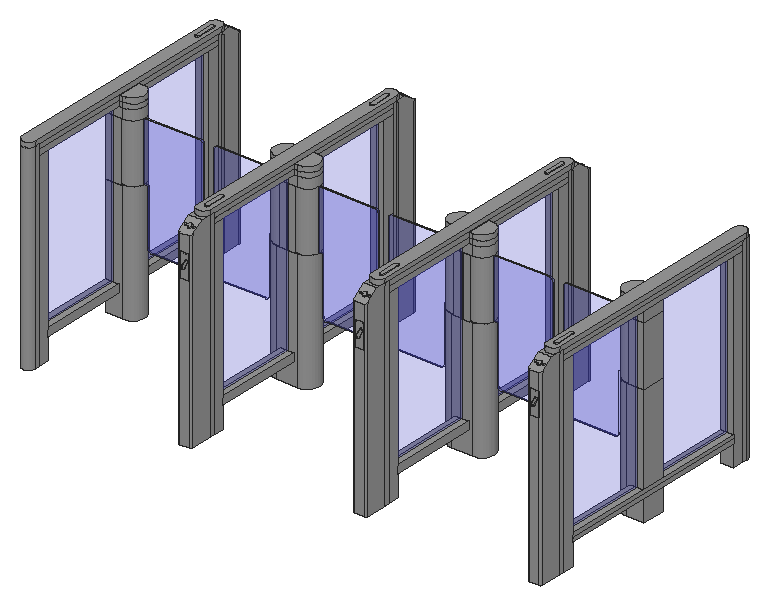
Revit family "ST-11", category Обобщенные модели, Revit 2019
Family settings
  Может служить основой для арматурных стержней = Нет
  Размер круглого соединителя = Использовать диаметр
  Тип детали = Нормальный
  На основе рабочей плоскости = Нет
  Всегда вертикально = Да
  При загрузке вырезать с полостями = Нет
  Общий = Нет
  Точка расчета площади = Нет
Parameters (values of type "3 и более проходов")
  Ширина 6в [instance] = Ширина 1 + Ширина 2а + Ширина 3а + Ширина 4а + Ширина 5а + Ширина 6а  # 2631 mm
  Ширина 6а [instance] = if(Количество проходов по факту > 5, Ширина 6, 0 mm)  # 0 mm
  Ширина 6 [instance] = if(or(Тип прохода 6 = Тип1, Тип прохода 6 = Тип2), 877 mm, if(Тип прохода 6 = Тип3, 1127 mm, if(Тип прохода 6 = Тип4, 1227 mm, 0 mm)))  # 877 mm
  Ширина 5а [instance] = if(Количество проходов по факту > 4, Ширина 5, 0 mm)  # 0 mm
  Ширина 5 [instance] = if(or(Тип прохода 5 = Тип1, Тип прохода 5 = Тип2), 877 mm, if(Тип прохода 5 = Тип3, 1127 mm, if(Тип прохода 5 = Тип4, 1227 mm, 0 mm)))  # 877 mm
  Ширина 4а [instance] = if(Количество проходов по факту > 3, Ширина 4, 0 mm)  # 0 mm
  Ширина 4 [instance] = if(or(Тип прохода 4 = Тип1, Тип прохода 4 = Тип2), 877 mm, if(Тип прохода 4 = Тип3, 1127 mm, if(Тип прохода 4 = Тип4, 1227 mm, 0 mm)))  # 877 mm
  Ширина 3а [instance] = if(Количество проходов по факту > 2, Ширина 3, 0 mm)  # 877 mm
  Ширина 3 [instance] = if(or(Тип прохода 3 = Тип1, Тип прохода 3 = Тип2), 877 mm, if(Тип прохода 3 = Тип3, 1127 mm, if(Тип прохода 3 = Тип4, 1227 mm, 0 mm)))  # 877 mm
  Ширина 2а [instance] = if(Количество проходов по факту > 1, Ширина 2, 0 mm)  # 877 mm
  Ширина 2 [instance] = if(or(Тип прохода 2 = Тип1, Тип прохода 2 = Тип2), 877 mm, if(Тип прохода 2 = Тип3, 1127 mm, if(Тип прохода 2 = Тип4, 1227 mm, 0 mm)))  # 877 mm
  Ширина 1 [instance] = if(or(Тип прохода 1 = Тип1, Тип прохода 1 = Тип2), 877 mm, if(Тип прохода 1 = Тип3, 1127 mm, if(Тип прохода 1 = Тип4, 1227 mm, 0 mm)))  # 877 mm
  Тип4 [instance] = Створка для ST-11 : ATG-475
  Тип3 [instance] = Створка для ST-11 : ATG-425
  Тип2 [instance] = Створка для ST-11 : ATG-300H
  Тип1 [instance] = Створка для ST-11 : ATG-300
  Тип прохода 6 [instance] = Створка для ST-11 : ATG-300
  Тип прохода 5 [instance] = Створка для ST-11 : ATG-300
  Тип прохода 4 [instance] = Створка для ST-11 : ATG-300
  Тип прохода 3 [instance] = Створка для ST-11 : ATG-300
  Тип прохода 2 [instance] = Створка для ST-11 : ATG-300
  Тип прохода 1 [instance] = Створка для ST-11 : ATG-300
  Тип панели 7 секция выход [instance] = Панель FP-11C : Панель FP-11C
  Тип панели 6 секция выход [instance] = Панель FP-11C : Панель FP-11C
  Тип панели 6 секция вход [instance] = Панель FP-11C : Панель FP-11C
  Тип панели 5 секция выход [instance] = Панель FP-11C : Панель FP-11C
  Тип панели 5 секция вход [instance] = Панель FP-11C : Панель FP-11C
  Тип панели 4 секция выход [instance] = Панель FP-11C : Панель FP-11C
  Тип панели 4 секция вход [instance] = Панель FP-11C : Панель FP-11C
  Тип панели 3 секция выход [instance] = Панель FP-11C : Панель FP-11C
  Тип панели 3 секция вход [instance] = Панель FP-11C : Панель FP-11C
  Тип панели 2 секция выход [instance] = Панель FP-11C : Панель FP-11C
  Тип панели 2 секция вход [instance] = Панель FP-11C : Панель FP-11C
  Тип панели 1 секция вход [instance] = Панель FP-11C : Панель FP-11C
  Тип 7п выход [instance] = if(Тип панели 7 секция выход = Тип 1п, 1, if(Тип панели 7 секция выход = Тип 2п, 2, if(Тип панели 7 секция выход = Тип 3п, 3, 0)))  # 1
  Тип 6п выход [instance] = if(Тип панели 6 секция выход = Тип 1п, 1, if(Тип панели 6 секция выход = Тип 2п, 2, if(Тип панели 6 секция выход = Тип 3п, 3, 0)))  # 1
  Тип 6п вход [instance] = if(Тип панели 6 секция вход = Тип 1п, 1, if(Тип панели 6 секция вход = Тип 2п, 2, if(Тип панели 6 секция вход = Тип 3п, 3, 0)))  # 1
  Тип 5п выход [instance] = if(Тип панели 5 секция выход = Тип 1п, 1, if(Тип панели 5 секция выход = Тип 2п, 2, if(Тип панели 5 секция выход = Тип 3п, 3, 0)))  # 1
  Тип 5п вход [instance] = if(Тип панели 5 секция вход = Тип 1п, 1, if(Тип панели 5 секция вход = Тип 2п, 2, if(Тип панели 5 секция вход = Тип 3п, 3, 0)))  # 1
  Тип 4п выход [instance] = if(Тип панели 4 секция выход = Тип 1п, 1, if(Тип панели 4 секция выход = Тип 2п, 2, if(Тип панели 4 секция выход = Тип 3п, 3, 0)))  # 1
  Тип 4п вход [instance] = if(Тип панели 4 секция вход = Тип 1п, 1, if(Тип панели 4 секция вход = Тип 2п, 2, if(Тип панели 4 секция вход = Тип 3п, 3, 0)))  # 1
  Тип 3п выход [instance] = if(Тип панели 3 секция выход = Тип 1п, 1, if(Тип панели 3 секция выход = Тип 2п, 2, if(Тип панели 3 секция выход = Тип 3п, 3, 0)))  # 1
  Тип 3п вход [instance] = if(Тип панели 3 секция вход = Тип 1п, 1, if(Тип панели 3 секция вход = Тип 2п, 2, if(Тип панели 3 секция вход = Тип 3п, 3, 0)))  # 1
  Тип 2п выход [instance] = if(Тип панели 2 секция выход = Тип 1п, 1, if(Тип панели 2 секция выход = Тип 2п, 2, if(Тип панели 2 секция выход = Тип 3п, 3, 0)))  # 1
  Тип 2п вход [instance] = if(Тип панели 2 секция вход = Тип 1п, 1, if(Тип панели 2 секция вход = Тип 2п, 2, if(Тип панели 2 секция вход = Тип 3п, 3, 0)))  # 1
  Тип крышки [instance] = Крышка STC-11M : Крышка STC-11M
  Тип кр [instance] = if(Тип крышки = Тип 1кр, 1, if(Тип крышки = Тип 2кр, 2, 0))  # 1
  Тип 3п [instance] = Панель FP-11Q : Панель FP-11Q
  Тип 2п [instance] = Панель FP-11P : Панель FP-11P
  Тип 2кр [instance] = Крышка STC-11S : Крышка STC-11S
  Тип 1п вход [instance] = if(Тип панели 1 секция вход = Тип 1п, 1, if(Тип панели 1 секция вход = Тип 2п, 2, if(Тип панели 1 секция вход = Тип 3п, 3, 0)))  # 1
  Тип 1п [instance] = Панель FP-11C : Панель FP-11C
  Тип 1кр [instance] = Крышка STC-11M : Крышка STC-11M
  Створки 6 [instance] = Тип прохода 6  # Створка для ST-11 : ATG-300
  Створки 5 [instance] = Тип прохода 5  # Створка для ST-11 : ATG-300
  Створки 4 [instance] = Тип прохода 4  # Створка для ST-11 : ATG-300
  Створки 3 [instance] = Тип прохода 3  # Створка для ST-11 : ATG-300
  Створки 2 [instance] = Тип прохода 2  # Створка для ST-11 : ATG-300
  Створки 1 [instance] = Тип прохода 1  # Створка для ST-11 : ATG-300
  Пропускная способность [instance] = if(Количество проходов = 1, " до 60 чел/мин", if(Количество проходов = 2, " до 120 чел/мин", if(Количество проходов = 3, " до 180 чел/мин", if(Количество проходов = 4, " до 240 чел/мин", if(Количество проходов = 5, " до 300 чел/мин", if(Количество проходов = 6, " до 360 чел/мин", "0"))))))  # " до 180 чел/мин"
  Количество проходов тип = 3
  Количество проходов по факту [instance] = if(Количество проходов тип = 1, 1, if(Количество проходов тип = 2, 2, if(Количество проходов < 3, Количество проходов тип, Количество проходов)))  # 3
  Количество проходов [instance] = 3
  В створки 6 [instance] = Количество проходов по факту > 5  # no
  В створки 5 [instance] = Количество проходов по факту > 4  # no
  В створки 4 [instance] = Количество проходов по факту > 3  # no
  В створки 3 [instance] = Количество проходов по факту > 2  # yes
  В створки 2 [instance] = Количество проходов по факту > 1  # yes
  В секция 6 [instance] = Количество проходов по факту > 5  # no
  В секция 5 [instance] = Количество проходов по факту > 4  # no
  В секция 4 [instance] = Количество проходов по факту > 3  # no
  В секция 3 [instance] = Количество проходов по факту > 2  # yes
  В секция 2 [instance] = Количество проходов по факту > 1  # yes
  ADSK_Примечание = ""
  ADSK_Номинальная мощность = 160 W
  ADSK_Напряжение = 24 V
  ADSK_Наименование краткое = "Скоростной проход ST-01"
  ADSK_Наименование = "Турникет \"Скоростной проход\" PERCo-ST-01"
  ADSK_Завод-изготовитель = "PERCo"
  ADSK_URL страницы изделия = "https://www.perco.ru/products/skorostnoy-prokhod-st-11.php"
Types (4, lengths in mm): name | Ширина 6в | Ширина 3а | Ширина 2а | Пропускная способность | Количество проходов тип | Количество проходов по факту | Количество проходов | В створки 3 | В створки 2 | В секция 3 | В секция 2
  (no name) | 2631 | 877 | 877 | " до 180 чел/мин" | 3 | 3 | 3 | yes | yes | yes | yes
  1 проход | 877 | 0 | 0 | " до 60 чел/мин" | 1 | 1 | 1 | no | no | no | no
  2 прохода | 1754 | 0 | 877 | " до 60 чел/мин" | 2 | 2 | 1 | no | yes | no | yes
  3 и более проходов | 2631 | 877 | 877 | " до 180 чел/мин" | 3 | 3 | 3 | yes | yes | yes | yes
Reference planes
  plane 1 "По центру (Вперед/Назад)": y = 0
  plane 2: z = 0
  plane 3 "По центру (Влево/Вправо)": x = 0
  plane 4: x = 877
  plane 5: x = 1754
  plane 6: x = 2631
  plane 7: x = 3508
  plane 8: x = 4385
  plane 9: x = 2631
  plane 10: x = 113.5
  plane 11: x = 763.5
  plane 12: x = 990.5
  plane 13: x = 1640.5
  plane 14: x = 1867.5
  plane 15: x = 2517.5
  plane 16: x = 2744.5
  plane 17: x = 3394.5
  plane 18: x = 3621.5
  plane 19: x = 4271.5
  plane 20: x = 4498.5
  plane 21: x = 2517.5
  plane 22: x = 2631
  plane 23: x = 438.5
Lines and regions (mm)
  model lines
    curve 1: line (0, 0, 0) -> (0, 0, 70)
    curve 2: line (877, 0, 0) -> (877, 0, 70)
    curve 3: line (1754, 0, 0) -> (1754, 0, 70)
    curve 4: line (2631, 0, 0) -> (2631, 0, 70)
    curve 5: line (3508, 0, 0) -> (3508, 0, 70)
    curve 6: line (4385, 0, 0) -> (4385, 0, 70)
    curve 7: line (2631, 0, 0) -> (2631, 0, 70)
Dimensions and locks
  "Ширина 1": plane 3 "По центру (Влево/Вправо)" to plane 4
  "Ширина 2": plane 4 to plane 5
  "Ширина 3": plane 5 to plane 6
  "Ширина 4": plane 6 to plane 7
  "Ширина 5": plane 7 to plane 8
  "Ширина 6в": plane 3 "По центру (Влево/Вправо)" to plane 9
  locked: plane 3 "По центру (Влево/Вправо)" to plane 10 at 113.5
  plane 11 to plane 4 to plane 12 = 113.5 mm locked, 113.5 mm locked
  plane 13 to plane 5 to plane 14 = 113.5 mm locked, 113.5 mm locked
  plane 15 to plane 6 to plane 16 = 113.5 mm locked, 113.5 mm locked
  plane 17 to plane 7 to plane 18 = 113.5 mm locked, 113.5 mm locked
  plane 19 to plane 8 to plane 20 = 113.5 mm locked, 113.5 mm locked
  locked: plane 21 to plane 9 at 113.5
  equal spacing: plane 3 "По центру (Влево/Вправо)", plane 23, plane 4
  aligned and locked: level to plane 2
  aligned and locked: plane 9 to nested 7
  aligned and locked: plane 1 "По центру (Вперед/Назад)" to nested 7
  aligned and locked: plane 8 to nested 6
  aligned and locked: plane 1 "По центру (Вперед/Назад)" to nested 6
  aligned and locked: plane 7 to nested 5
  aligned and locked: plane 1 "По центру (Вперед/Назад)" to nested 5
  aligned and locked: plane 6 to nested 4
  aligned and locked: plane 1 "По центру (Вперед/Назад)" to nested 4
  aligned and locked: plane 5 to nested 3
  aligned and locked: plane 1 "По центру (Вперед/Назад)" to nested 3
  aligned and locked: plane 4 to nested 2
  aligned and locked: plane 1 "По центру (Вперед/Назад)" to nested 2
  aligned and locked: plane 3 "По центру (Влево/Вправо)" to nested 1
  aligned and locked: plane 1 "По центру (Вперед/Назад)" to nested 1
  aligned and locked: nested 8 to plane 10
  aligned and locked: plane 18 to nested 12
  aligned and locked: plane 16 to nested 11
  aligned and locked: plane 14 to nested 10
  aligned and locked: nested 19 to plane 21
  aligned and locked: nested 18 to plane 19
  aligned and locked: nested 17 to plane 17
  aligned and locked: nested 16 to plane 15
  aligned and locked: nested 15 to plane 13
  aligned and locked: nested 14 to plane 11
  aligned and locked: plane 12 to nested 9
  aligned and locked: plane 20 to nested 13
  aligned and locked: plane 3 "По центру (Влево/Вправо)" to curve 1
  aligned and locked: plane 4 to curve 2
  aligned and locked: plane 5 to curve 3
  aligned and locked: plane 6 to curve 4
  aligned and locked: plane 7 to curve 5
  aligned and locked: plane 8 to curve 6
  aligned and locked: plane 9 to curve 7
  aligned and locked: plane 23 to nested 20
Automatic sketch dimensions
  curve 1 to level = 0 mm
  curve 6 to level = 0 mm
  curve 2 to level = 0 mm
  curve 5 to level = 0 mm
  curve 3 to level = 0 mm
  curve 4 to level = 0 mm
  curve 7 to level = 0 mm
  level to curve 2 = 70 mm
  level to curve 5 = 70 mm
  level to curve 1 = 70 mm
  level to curve 6 = 70 mm
  level to curve 4 = 70 mm
  level to curve 3 = 70 mm
  level to curve 7 = 70 mm
Nested families
  nested 1: "Секция Master-ST 11" at (0, 0, 0), Тип <- "Тип кр", Тип п вход <- "Тип 1п вход", type "Секция Master-ST 11"
    with Тип3п none, Тип2п none, Тип2 none, Тип1п none, Тип1 none, Тип панели none, Тип п вход 1, Тип крышки none, Тип 1
  nested 2: "Секция Двусторонняя-ST 11" at (877, 0, 0), visible <- "В секция 2", Тип <- "Тип кр", Тип п вход <- "Тип 2п вход", Тип п выход <- "Тип 2п выход", type "Секция Двусторонняя-ST 11"
    with Тип3п none, Тип2п none, Тип2 none, Тип1п none, Тип1 none, Тип панели выход none, Тип панели вход none, Тип п выход 1, Тип п вход 1, Тип крышки none, Тип 1
  nested 3: "Секция Двусторонняя-ST 11" at (1754, 0, 0), visible <- "В секция 3", Тип <- "Тип кр", Тип п вход <- "Тип 3п вход", Тип п выход <- "Тип 3п выход", type "Секция Двусторонняя-ST 11"
    with Тип3п none, Тип2п none, Тип2 none, Тип1п none, Тип1 none, Тип панели выход none, Тип панели вход none, Тип п выход 1, Тип п вход 1, Тип крышки none, Тип 1
  nested 4: "Секция Двусторонняя-ST 11" at (2631, 0, 0), visible <- "В секция 4", Тип <- "Тип кр", Тип п вход <- "Тип 4п вход", Тип п выход <- "Тип 4п выход", type "Секция Двусторонняя-ST 11"
    with Тип3п none, Тип2п none, Тип2 none, Тип1п none, Тип1 none, Тип панели выход none, Тип панели вход none, Тип п выход 1, Тип п вход 1, Тип крышки none, Тип 1
  nested 5: "Секция Двусторонняя-ST 11" at (3508, 0, 0), visible <- "В секция 5", Тип <- "Тип кр", Тип п вход <- "Тип 5п вход", Тип п выход <- "Тип 5п выход", type "Секция Двусторонняя-ST 11"
    with Тип3п none, Тип2п none, Тип2 none, Тип1п none, Тип1 none, Тип панели выход none, Тип панели вход none, Тип п выход 1, Тип п вход 1, Тип крышки none, Тип 1
  nested 6: "Секция Двусторонняя-ST 11" at (4385, 0, 0), visible <- "В секция 6", Тип <- "Тип кр", Тип п вход <- "Тип 6п вход", Тип п выход <- "Тип 6п выход", type "Секция Двусторонняя-ST 11"
    with Тип3п none, Тип2п none, Тип2 none, Тип1п none, Тип1 none, Тип панели выход none, Тип панели вход none, Тип п выход 1, Тип п вход 1, Тип крышки none, Тип 1
  nested 7: "Секция Slave-ST 11" at (2631, 0, 0), Тип <- "Тип кр", Тип п вход <- "Тип 7п выход", type "Секция Slave-ST 11"
    with Тип3п none, Тип2п none, Тип2 none, Тип1п none, Тип1 none, Тип панели none, Тип п вход 1, Тип крышки none, Тип 1
  nested 8: "Створка для ST-11" at (113.5, 0, 0), type <- "Створки 1", type "ATG-300"
    with ADSK_Количество 1
  nested 9: "Створка для ST-11" at (990.5, 0, 0), type <- "Створки 2", visible <- "В створки 2", type "ATG-300"
    with ADSK_Количество 1
  nested 10: "Створка для ST-11" at (1867.5, 0, 0), type <- "Створки 3", visible <- "В створки 3", type "ATG-300"
    with ADSK_Количество 1
  nested 11: "Створка для ST-11" at (2744.5, 0, 0), type <- "Створки 4", visible <- "В створки 4", type "ATG-300"
    with ADSK_Количество 1
  nested 12: "Створка для ST-11" at (3621.5, 0, 0), type <- "Створки 5", visible <- "В створки 5", type "ATG-300"
    with ADSK_Количество 1
  nested 13: "Створка для ST-11" at (4498.5, 0, 0), type <- "Створки 6", visible <- "В створки 6", type "ATG-300"
    with ADSK_Количество 1
  nested 14: "Створка для ST-11" at (763.5, 0, 0) x (-1, 0, 0) z (0, 0, 1), type <- "Створки 1", type "ATG-300"
    with ADSK_Количество 1
  nested 15: "Створка для ST-11" at (1640.5, 0, 0) x (-1, 0, 0) z (0, 0, 1), type <- "Створки 2", visible <- "В створки 2", type "ATG-300"
    with ADSK_Количество 1
  nested 16: "Створка для ST-11" at (2517.5, 0, 0) x (-1, 0, 0) z (0, 0, 1), type <- "Створки 3", visible <- "В створки 3", type "ATG-300"
    with ADSK_Количество 1
  nested 17: "Створка для ST-11" at (3394.5, 0, 0) x (-1, 0, 0) z (0, 0, 1), type <- "Створки 4", visible <- "В створки 4", type "ATG-300"
    with ADSK_Количество 1
  nested 18: "Створка для ST-11" at (4271.5, 0, 0) x (-1, 0, 0) z (0, 0, 1), type <- "Створки 5", visible <- "В створки 5", type "ATG-300"
    with ADSK_Количество 1
  nested 19: "Створка для ST-11" at (2517.5, 0, 0) x (-1, 0, 0) z (0, 0, 1), type <- "Створки 6", visible <- "В створки 6", type "ATG-300"
    with ADSK_Количество 1
  nested 20: "Стрелка" at (438.5, 600, 0), type "Стрелка"
Connectors
  electrical at (0, 0, 0)
    settings: on curve 1, index 1, voltage 24 V, apparent load 160 VA, apparent load phase1 0 VA, apparent load phase2 0 VA, apparent load phase3 0 VA, power factor 1, load classification "Прочее", number of poles 1, system type 30, power factor state 1, is connector primary yes, connector utility no, sub classification motor no, connector description ""
  electrical at (877, 0, 0)
    settings: on curve 2, index 2, voltage 24 V, apparent load 160 VA, apparent load phase1 0 VA, apparent load phase2 0 VA, apparent load phase3 0 VA, power factor 1, load classification "Прочее", number of poles 1, system type 30, power factor state 1, is connector primary no, connector utility no, sub classification motor no, connector description ""
  electrical at (1754, 0, 0)
    settings: on curve 3, index 3, voltage 24 V, apparent load 160 VA, apparent load phase1 0 VA, apparent load phase2 0 VA, apparent load phase3 0 VA, power factor 1, load classification "Прочее", number of poles 1, system type 30, power factor state 1, is connector primary no, connector utility no, sub classification motor no, connector description ""
  electrical at (2631, 0, 0)
    settings: on curve 4, index 4, voltage 24 V, apparent load 160 VA, apparent load phase1 0 VA, apparent load phase2 0 VA, apparent load phase3 0 VA, power factor 1, load classification "Прочее", number of poles 1, system type 30, power factor state 1, is connector primary no, connector utility no, sub classification motor no, connector description ""
  electrical at (3508, 0, 0)
    settings: on curve 5, index 5, voltage 24 V, apparent load 160 VA, apparent load phase1 0 VA, apparent load phase2 0 VA, apparent load phase3 0 VA, power factor 1, load classification "Прочее", number of poles 1, system type 30, power factor state 1, is connector primary no, connector utility no, sub classification motor no, connector description ""
  electrical at (4385, 0, 0)
    settings: on curve 6, index 6, voltage 24 V, apparent load 160 VA, apparent load phase1 0 VA, apparent load phase2 0 VA, apparent load phase3 0 VA, power factor 1, load classification "Прочее", number of poles 1, system type 30, power factor state 1, is connector primary no, connector utility no, sub classification motor no, connector description ""
  electrical at (2631, 0, 0)
    settings: on curve 7, index 7, voltage 24 V, apparent load 160 VA, apparent load phase1 0 VA, apparent load phase2 0 VA, apparent load phase3 0 VA, power factor 1, load classification "Прочее", number of poles 1, system type 30, power factor state 1, is connector primary no, connector utility no, sub classification motor no, connector description ""
Definition of nested family "Секция Master-ST 11"
  Parameters (values of type "Секция Master-ST 11")
    Тип3п [instance] = Панель FP-11Q : Панель FP-11Q
    Тип2п [instance] = Панель FP-11P : Панель FP-11P
    Тип2 [instance] = Крышка STC-11S : Master
    Тип1п [instance] = Панель FP-11C : Панель FP-11C
    Тип1 [instance] = Крышка STC-11M : Master
    Тип панели [instance] = if(Тип п вход = 1, Тип1п, if(Тип п вход = 2, Тип2п, if(Тип п вход = 3, Тип3п, Тип1п)))  # Панель FP-11C : Панель FP-11C
    Тип п вход [instance] = 1
    Тип крышки [instance] = if(Тип = 1, Тип1, if(Тип = 2, Тип2, Тип1))  # Крышка STC-11M : Master
    Тип [instance] = 1
    Температура использования = "от +1°С до +50°С"
    Пропускная способность = "до 60 чел / мин"
    Подключение к электросети = "220 В"
    Габаритные размеры = "1236×944×1022 мм при створках ATG-300\r\n1236×944×1022 мм при створках ATG-300"
    ADSK_Ток = "6,5 А"
    ADSK_Номинальная мощность = "160 Вт"
    ADSK_Напряжение = "24 В постоянного тока"
    ADSK_Наименование краткое = "Скоростной проход ST-11"
    ADSK_Наименование = "Турникет \"Скоростной проход\" PERCo-ST-11"
    ADSK_Материал наименование = "Секции – нержавеющая сталь. \r\nПанель заполнения – закаленное стекло толщиной 8 мм.\r\nВерхние крышки – искусственный камень или нержавеющая сталь."
    ADSK_Масса_Текст = "от 136 кг"
    ADSK_Количество = 1
    ADSK_Завод-изготовитель = "PERCo"
    ADSK_Единица измерения = "шт"
    ADSK_URL страницы изделия = "https://www.perco.ru/products/skorostnoy-prokhod-st-11.php"
  Reference planes
    plane 1 "По центру (Вперед/Назад)": y = 0
    plane 2: z = 0
    plane 3 "По центру (Влево/Вправо)": x = 0
  Forms (mm)
    Extrusion 1, solid
      sketch origin (0, 0, 0) x (1, 0, 0) y (0, 1, 0)
        loop
          line (-33.5, 564.5) -> (33.5, 564.5) -> (33.5, 584.5)
          arc (33.5, 584.5) -> (0, 618) -> (-33.5, 584.5) r 33.5
          line (-33.5, 584.5) -> (-33.5, 564.5)
        loop
          line (-33.5, -564.5) -> (-33.5, -584.5)
          arc (-33.5, -584.5) -> (0, -618) -> (33.5, -584.5) r 33.5
          line (33.5, -584.5) -> (33.5, -564.5) -> (-33.5, -564.5)
      from 0 to 1000
    Extrusion 2, solid
      sketch origin (0, 0, 0) x (1, 0, 0) y (0, 1, 0)
        loop
          line (-33.5, 564.5) -> (-33.5, -564.5) -> (33.5, -564.5) -> (33.5, 564.5) -> (-33.5, 564.5)
      from 975 to 1000
    Extrusion 3, solid
      sketch origin (0, 0, 0) x (1, 0, 0) y (0, 1, 0)
        loop
          line (-33.5, 564.5) -> (-33.5, -564.5) -> (33.5, -564.5) -> (33.5, 564.5) -> (-33.5, 564.5)
      from 950 to 975
    Extrusion 4, solid
      sketch origin (0, 0, 0) x (1, 0, 0) y (0, 1, 0)
        loop
          line (-33.5, 564.5) -> (-33.5, 504.513) -> (33.5, 504.513) -> (33.5, 564.5) -> (-33.5, 564.5)
        loop
          line (-33.5, -504.513) -> (-33.5, -564.5) -> (33.5, -564.5) -> (33.5, -504.513) -> (-33.5, -504.513)
      from 0 to 950
    Extrusion 5, solid
      sketch origin (0, 0, 0) x (1, 0, 0) y (0, 1, 0)
        loop
          line (-33.5, 504.513) -> (-33.5, -504.513) -> (33.5, -504.513) -> (33.5, 504.513) -> (-33.5, 504.513)
      from 130 to 150
    Extrusion 6, solid
      sketch origin (0, 0, 0) x (1, 0, 0) y (0, 1, 0)
        loop
          line (-33.5, 504.513) -> (-33.5, -504.513) -> (33.5, -504.513) -> (33.5, 504.513) -> (-33.5, 504.513)
      from 110 to 130
    Extrusion 7, solid
      sketch origin (-26.5, 0, 0) x (1, 0, 0) y (0, 1, 0)
        loop
          arc (80, -60) -> (140, 0) -> (80, 60) r 60
          line (80, 60) -> (-7, 60) -> (-7, -60) -> (80, -60)
      from 0 to 600
    Extrusion 8, solid
      sketch origin (-21.5, 0, 0) x (1, 0, 0) y (0, 1, 0)
        loop
          circle (80, 0) r 55
      from 601 to 899
    Extrusion 9, solid
      sketch origin (-26.5, 0, 0) x (1, 0, 0) y (0, 1, 0)
        loop
          arc (80, -60) -> (140, 0) -> (80, 60) r 60
          line (80, 60) -> (-7, 60) -> (-7, -60) -> (80, -60)
      from 900 to 950
    Extrusion 10, solid
      sketch origin (-15, 0, 0) x (1, 0, 0) y (0, 1, 0)
        loop
          arc (15, 0) -> (25.917, 36.056) -> (55, 60) r 65
          line (55, 60) -> (-18.5, 60) -> (-18.5, -60) -> (55, -60)
          arc (55, -60) -> (25.917, -36.056) -> (15, 0) r 65
      from 600 to 900
    Extrusion 11, solid
      sketch origin (-26.5, 0, 0) x (1, 0, 0) y (0, 1, 0)
        loop
          line (80, 60) -> (60, 60) -> (60, -60) -> (80, -60)
          arc (80, -60) -> (140, 0) -> (80, 60) r 60
      from 975 to 1000
    Extrusion 12, solid
      sketch origin (-26.5, 0, 0) x (1, 0, 0) y (0, 1, 0)
        loop
          line (80, 60) -> (60, 60) -> (60, -60) -> (80, -60)
          arc (80, -60) -> (140, 0) -> (80, 60) r 60
      from 950 to 975
    Extrusion 13, solid
      sketch origin (0, 0, 0) x (0, 1, 0) y (0, 0, 1)
        loop
          line (504.513, 950) -> (60, 950) -> (60, 150) -> (504.513, 150) -> (504.513, 950)
        loop
          line (-60, 150) -> (-60, 950) -> (-504.513, 950) -> (-504.513, 150) -> (-60, 150)
      from -5 to 5
  Cuts and joins
    joined: Extrusion 5, Extrusion 6, Extrusion 7
  Dimensions and locks
    aligned and locked: level to plane 2
  Nested families
    nested 1: "Крышка STC-11M" at (0, 0, 1000), type <- "Тип крышки", type "Master"
    nested 2: "Панель FP-11C" at (0, 564.5, 0), type <- "Тип панели", type "Панель FP-11C"
  Definition of nested family "Крышка STC-11M"
    Parameters (values of type "Slave")
      Низ = yes
      Верх = no
    Types (3, lengths in mm): name | Низ | Верх
      Master | no | yes
      Двусторонняя | yes | yes
      Slave | yes | no
    Reference planes
      plane 1 "По центру (Вперед/Назад)": y = 0
      plane 2: z = 0
      plane 3 "По центру (Влево/Вправо)": x = 0
    Forms (mm)
      Extrusion 1, solid
        sketch origin (0, 0, 0) x (1, 0, 0) y (0, 1, 0)
          loop
            arc (-33.5, -584.5) -> (0, -618) -> (33.5, -584.5) r 33.5
            line (33.5, -584.5) -> (33.5, 584.5)
            arc (33.5, 584.5) -> (0, 618) -> (-33.5, 584.5) r 33.5
            line (-33.5, 584.5) -> (-33.5, -584.5)
        from 0 to 22
      Extrusion 2, solid, visible <- "Низ"
        sketch origin (0, 274.425, 0) x (1, 0, 0) y (0, 1, 0)
          loop
            arc (-10, -837.425) -> (0, -847.425) -> (10, -837.425) r 10
            line (10, -837.425) -> (10, -747.425)
            arc (10, -747.425) -> (0, -737.425) -> (-10, -747.425) r 10
            line (-10, -747.425) -> (-10, -837.425)
        from 22 to 23
      Extrusion 3, solid, visible <- "Верх"
        sketch origin (0, -274.425, 0) x (1, 0, 0) y (0, 1, 0)
          loop
            line (-10, 837.425) -> (-10, 747.425)
            arc (-10, 747.425) -> (0, 737.425) -> (10, 747.425) r 10
            line (10, 747.425) -> (10, 837.425)
            arc (10, 837.425) -> (0, 847.425) -> (-10, 837.425) r 10
        from 22 to 23
    Dimensions and locks
      aligned and locked: level to plane 2
  Definition of nested family "Панель FP-11C"
    Reference planes
      plane 1 "По центру (Вперед/Назад)": y = 0
      plane 2: z = 0
      plane 3 "По центру (Влево/Вправо)": x = 0
    Forms (mm)
      Extrusion 1, solid
        sketch origin (0, -840, 0) x (1, 0, 0) y (0, 1, 0)
          loop
            line (33.5, 840) -> (33.5, 968)
            arc (33.5, 968) -> (30.571, 975.071) -> (23.5, 978) r 10
            line (23.5, 978) -> (-23.5, 978)
            arc (-23.5, 978) -> (-30.571, 975.071) -> (-33.5, 968) r 10
            line (-33.5, 968) -> (-33.5, 840) -> (33.5, 840)
        from 0 to 1000
      Extrusion 2, void
        sketch origin (0, -840, 0) x (0, 1, 0) y (0, 0, 1)
          loop
            line (910, 1000) -> (978, 952.386) -> (978, 1000) -> (910, 1000)
        from -60 to 60
      Extrusion 3, solid
        sketch origin (-28.755, 81.88, 991.681) x (0, 0.819152, -0.573576) y (-1, 0, 0)
          loop
            arc (30.949, -8.529) -> (27.224, -4.804) -> (23.499, -8.529) r 3.725
            line (23.499, -8.529) -> (23.499, -20.514)
            arc (23.499, -20.514) -> (17.224, -29.794) -> (23.499, -39.074) r 10
            line (23.499, -39.074) -> (23.499, -51.059)
            arc (23.499, -51.059) -> (27.224, -54.784) -> (30.949, -51.059) r 3.725
            line (30.949, -51.059) -> (30.949, -39.074)
            arc (30.949, -39.074) -> (37.224, -29.794) -> (30.949, -20.514) r 10
            line (30.949, -20.514) -> (30.949, -8.529)
        from 0 to 1
      Extrusion 4, solid
        sketch origin (0, -752, 15) x (1, 0, 0) y (0, 0, 1)
          loop
            line (0, 855) -> (-20, 855) -> (-20, 735) -> (20, 735) -> (20, 855) -> (0, 855)
          loop
            line (13.684, 792.199) -> (-3.921, 825.309) -> (-17.166, 818.267) -> (0.44, 785.157) -> (-2.871, 783.396) -> (13.356, 776.84) -> (16.995, 793.959) -> (13.684, 792.199)
        from -891 to -890
      Extrusion 5, solid
        sketch origin (0, -752, 15) x (1, 0, 0) y (0, 0, 1)
          loop
            line (-10.544, 821.788) -> (-17.166, 818.267) -> (0.44, 785.157) -> (-2.871, 783.396) -> (13.356, 776.84) -> (16.995, 793.959) -> (13.684, 792.199) -> (-3.921, 825.309) -> (-10.544, 821.788)
        from -891 to -890
    Cuts and joins
      Extrusion 2 cuts Extrusion 1
    Dimensions and locks
      aligned and locked: level to plane 2
Definition of nested family "Секция Двусторонняя-ST 11"
  Parameters (values of type "Секция Двусторонняя-ST 11")
    Тип3п [instance] = Панель FP-11Q : Панель FP-11Q
    Тип2п [instance] = Панель FP-11P : Панель FP-11P
    Тип2 [instance] = Крышка STC-11S : Двусторонняя
    Тип1п [instance] = Панель FP-11C : Панель FP-11C
    Тип1 [instance] = Крышка STC-11M : Двусторонняя
    Тип панели выход [instance] = if(Тип п выход = 1, Тип1п, if(Тип п выход = 2, Тип2п, if(Тип п выход = 3, Тип3п, Тип1п)))  # Панель FP-11C : Панель FP-11C
    Тип панели вход [instance] = if(Тип п вход = 1, Тип1п, if(Тип п вход = 2, Тип2п, if(Тип п вход = 3, Тип3п, Тип1п)))  # Панель FP-11C : Панель FP-11C
    Тип п выход [instance] = 1
    Тип п вход [instance] = 1
    Тип крышки [instance] = if(Тип = 1, Тип1, if(Тип = 2, Тип2, Тип1))  # Крышка STC-11M : Двусторонняя
    Тип [instance] = 1
    Температура использования = "от +1°С до +50°С"
    Пропускная способность = "до 60 чел / мин"
    Подключение к электросети = "220 В"
    Габаритные размеры = "1236×944×1022 мм при створках ATG-300"
    ADSK_Ток = "6,5 А"
    ADSK_Номинальная мощность = "160 Вт"
    ADSK_Напряжение = "24 В постоянного тока"
    ADSK_Наименование краткое = "Скоростной проход ST-11"
    ADSK_Наименование = "Турникет \"Скоростной проход\" PERCo-ST-11"
    ADSK_Материал наименование = "Секции – нержавеющая сталь. \r\nПанель заполнения – закаленное стекло толщиной 8 мм.\r\nРаспашные створки – закаленное стекло толщиной 10 мм.\r\nВерхние крышки – искусственный камень или нержавеющая сталь."
    ADSK_Масса_Текст = "от 136 кг"
    ADSK_Количество = 1
    ADSK_Завод-изготовитель = "PERCo"
    ADSK_Единица измерения = "шт"
    ADSK_URL страницы изделия = "https://www.perco.ru/products/skorostnoy-prokhod-st-11.php"
  Reference planes
    plane 1 "По центру (Вперед/Назад)": y = 0
    plane 2: z = 0
    plane 3 "По центру (Влево/Вправо)": x = 0
  Forms (mm)
    Extrusion 1, solid
      sketch origin (0, 0, 0) x (1, 0, 0) y (0, 1, 0)
        loop
          line (-33.5, 564.5) -> (33.5, 564.5) -> (33.5, 584.5)
          arc (33.5, 584.5) -> (0, 618) -> (-33.5, 584.5) r 33.5
          line (-33.5, 584.5) -> (-33.5, 564.5)
        loop
          line (-33.5, -564.5) -> (-33.5, -584.5)
          arc (-33.5, -584.5) -> (0, -618) -> (33.5, -584.5) r 33.5
          line (33.5, -584.5) -> (33.5, -564.5) -> (-33.5, -564.5)
      from 0 to 1000
    Extrusion 2, solid
      sketch origin (0, 0, 0) x (1, 0, 0) y (0, 1, 0)
        loop
          line (-33.5, 564.5) -> (-33.5, -564.5) -> (33.5, -564.5) -> (33.5, 564.5) -> (-33.5, 564.5)
      from 975 to 1000
    Extrusion 3, solid
      sketch origin (0, 0, 0) x (1, 0, 0) y (0, 1, 0)
        loop
          line (-33.5, 564.5) -> (-33.5, -564.5) -> (33.5, -564.5) -> (33.5, 564.5) -> (-33.5, 564.5)
      from 950 to 975
    Extrusion 4, solid
      sketch origin (0, 0, 0) x (1, 0, 0) y (0, 1, 0)
        loop
          line (-33.5, 564.5) -> (-33.5, 504.513) -> (33.5, 504.513) -> (33.5, 564.5) -> (-33.5, 564.5)
        loop
          line (-33.5, -564.5) -> (33.5, -564.5) -> (33.5, -504.513) -> (-33.5, -504.513) -> (-33.5, -564.5)
      from 0 to 950
    Extrusion 5, solid
      sketch origin (0, 0, 0) x (1, 0, 0) y (0, 1, 0)
        loop
          line (-33.5, 504.513) -> (-33.5, -504.513) -> (33.5, -504.513) -> (33.5, 504.513) -> (-33.5, 504.513)
      from 130 to 150
    Extrusion 6, solid
      sketch origin (0, 0, 0) x (1, 0, 0) y (0, 1, 0)
        loop
          line (-33.5, 504.513) -> (-33.5, -504.513) -> (33.5, -504.513) -> (33.5, 504.513) -> (-33.5, 504.513)
      from 110 to 130
    Extrusion 7, solid
      sketch origin (0, 0, 0) x (0, 1, 0) y (0, 0, 1)
        loop
          line (504.513, 950) -> (60, 950) -> (60, 150) -> (504.513, 150) -> (504.513, 950)
        loop
          line (-60, 150) -> (-60, 950) -> (-504.513, 950) -> (-504.513, 150) -> (-60, 150)
      from -5 to 5
    Extrusion 8, solid
      sketch origin (26.5, 0, 0) x (-1, 0, 0) y (0, -1, 0)
        loop
          line (80, 60) -> (-27, 60)
          arc (-27, 60) -> (-87, 0) -> (-27, -60) r 60
          line (-27, -60) -> (80, -60)
          arc (80, -60) -> (140, 0) -> (80, 60) r 60
      from 0 to 600
    Extrusion 9, solid
      sketch origin (21.5, 0, 0) x (-1, 0, 0) y (0, -1, 0)
        loop
          circle (80, 0) r 55
      from 601 to 899
    Extrusion 10, solid
      sketch origin (26.5, 0, 0) x (-1, 0, 0) y (0, -1, 0)
        loop
          line (80, 60) -> (-27, 60)
          arc (-27, 60) -> (-87, 0) -> (-27, -60) r 60
          line (-27, -60) -> (80, -60)
          arc (80, -60) -> (140, 0) -> (80, 60) r 60
      from 900 to 950
    Extrusion 11, solid
      sketch origin (15, 0, 0) x (-1, 0, 0) y (0, -1, 0)
        loop
          arc (15, 0) -> (25.917, 36.056) -> (55, 60) r 65
          line (55, 60) -> (14, 60) -> (14, -60) -> (55, -60)
          arc (55, -60) -> (25.917, -36.056) -> (15, 0) r 65
      from 600 to 900
    Extrusion 12, solid
      sketch origin (26.5, 0, 0) x (-1, 0, 0) y (0, -1, 0)
        loop
          arc (80, -60) -> (140, 0) -> (80, 60) r 60
          line (80, 60) -> (60, 60) -> (60, -60) -> (80, -60)
      from 975 to 1000
    Extrusion 13, solid
      sketch origin (26.5, 0, 0) x (-1, 0, 0) y (0, -1, 0)
        loop
          arc (80, -60) -> (140, 0) -> (80, 60) r 60
          line (80, 60) -> (60, 60) -> (60, -60) -> (80, -60)
      from 950 to 975
    Extrusion 14, solid
      sketch origin (-15, 0, 0) x (1, 0, 0) y (0, 1, 0)
        loop
          arc (15, 0) -> (25.917, 36.056) -> (55, 60) r 65
          line (55, 60) -> (14, 60) -> (14, -60) -> (55, -60)
          arc (55, -60) -> (25.917, -36.056) -> (15, 0) r 65
      from 600 to 900
    Extrusion 15, solid
      sketch origin (-21.5, 0, 0) x (1, 0, 0) y (0, 1, 0)
        loop
          circle (80, 0) r 55
      from 601 to 899
    Extrusion 16, solid
      sketch origin (-26.5, 0, 0) x (1, 0, 0) y (0, 1, 0)
        loop
          line (80, 60) -> (60, 60) -> (60, -60) -> (80, -60)
          arc (80, -60) -> (140, 0) -> (80, 60) r 60
      from 975 to 1000
    Extrusion 17, solid
      sketch origin (-26.5, 0, 0) x (1, 0, 0) y (0, 1, 0)
        loop
          line (80, 60) -> (60, 60) -> (60, -60) -> (80, -60)
          arc (80, -60) -> (140, 0) -> (80, 60) r 60
      from 950 to 975
  Cuts and joins
    joined: Extrusion 5, Extrusion 6, Extrusion 8
  Dimensions and locks
    aligned and locked: level to plane 2
  Nested families
    nested 1: "Крышка STC-11M" at (0, 0, 1000), type <- "Тип крышки", type "Двусторонняя"
    nested 2: "Панель FP-11C" at (0, -564.5, 0) x (-1, 0, 0) z (0, 0, 1), type <- "Тип панели выход", type "Панель FP-11C"
    nested 3: "Панель FP-11C" at (0, 564.5, 0), type <- "Тип панели вход", type "Панель FP-11C"
  Definition of nested family "Крышка STC-11M"
    Parameters (values of type "Slave")
      Низ = yes
      Верх = no
    Types (3, lengths in mm): name | Низ | Верх
      Master | no | yes
      Двусторонняя | yes | yes
      Slave | yes | no
    Reference planes
      plane 1 "По центру (Вперед/Назад)": y = 0
      plane 2: z = 0
      plane 3 "По центру (Влево/Вправо)": x = 0
    Forms (mm)
      Extrusion 1, solid
        sketch origin (0, 0, 0) x (1, 0, 0) y (0, 1, 0)
          loop
            arc (-33.5, -584.5) -> (0, -618) -> (33.5, -584.5) r 33.5
            line (33.5, -584.5) -> (33.5, 584.5)
            arc (33.5, 584.5) -> (0, 618) -> (-33.5, 584.5) r 33.5
            line (-33.5, 584.5) -> (-33.5, -584.5)
        from 0 to 22
      Extrusion 2, solid, visible <- "Низ"
        sketch origin (0, 274.425, 0) x (1, 0, 0) y (0, 1, 0)
          loop
            arc (-10, -837.425) -> (0, -847.425) -> (10, -837.425) r 10
            line (10, -837.425) -> (10, -747.425)
            arc (10, -747.425) -> (0, -737.425) -> (-10, -747.425) r 10
            line (-10, -747.425) -> (-10, -837.425)
        from 22 to 23
      Extrusion 3, solid, visible <- "Верх"
        sketch origin (0, -274.425, 0) x (1, 0, 0) y (0, 1, 0)
          loop
            line (-10, 837.425) -> (-10, 747.425)
            arc (-10, 747.425) -> (0, 737.425) -> (10, 747.425) r 10
            line (10, 747.425) -> (10, 837.425)
            arc (10, 837.425) -> (0, 847.425) -> (-10, 837.425) r 10
        from 22 to 23
    Dimensions and locks
      aligned and locked: level to plane 2
  Definition of nested family "Панель FP-11C"
    Reference planes
      plane 1 "По центру (Вперед/Назад)": y = 0
      plane 2: z = 0
      plane 3 "По центру (Влево/Вправо)": x = 0
    Forms (mm)
      Extrusion 1, solid
        sketch origin (0, -840, 0) x (1, 0, 0) y (0, 1, 0)
          loop
            line (33.5, 840) -> (33.5, 968)
            arc (33.5, 968) -> (30.571, 975.071) -> (23.5, 978) r 10
            line (23.5, 978) -> (-23.5, 978)
            arc (-23.5, 978) -> (-30.571, 975.071) -> (-33.5, 968) r 10
            line (-33.5, 968) -> (-33.5, 840) -> (33.5, 840)
        from 0 to 1000
      Extrusion 2, void
        sketch origin (0, -840, 0) x (0, 1, 0) y (0, 0, 1)
          loop
            line (910, 1000) -> (978, 952.386) -> (978, 1000) -> (910, 1000)
        from -60 to 60
      Extrusion 3, solid
        sketch origin (-28.755, 81.88, 991.681) x (0, 0.819152, -0.573576) y (-1, 0, 0)
          loop
            arc (30.949, -8.529) -> (27.224, -4.804) -> (23.499, -8.529) r 3.725
            line (23.499, -8.529) -> (23.499, -20.514)
            arc (23.499, -20.514) -> (17.224, -29.794) -> (23.499, -39.074) r 10
            line (23.499, -39.074) -> (23.499, -51.059)
            arc (23.499, -51.059) -> (27.224, -54.784) -> (30.949, -51.059) r 3.725
            line (30.949, -51.059) -> (30.949, -39.074)
            arc (30.949, -39.074) -> (37.224, -29.794) -> (30.949, -20.514) r 10
            line (30.949, -20.514) -> (30.949, -8.529)
        from 0 to 1
      Extrusion 4, solid
        sketch origin (0, -752, 15) x (1, 0, 0) y (0, 0, 1)
          loop
            line (0, 855) -> (-20, 855) -> (-20, 735) -> (20, 735) -> (20, 855) -> (0, 855)
          loop
            line (13.684, 792.199) -> (-3.921, 825.309) -> (-17.166, 818.267) -> (0.44, 785.157) -> (-2.871, 783.396) -> (13.356, 776.84) -> (16.995, 793.959) -> (13.684, 792.199)
        from -891 to -890
      Extrusion 5, solid
        sketch origin (0, -752, 15) x (1, 0, 0) y (0, 0, 1)
          loop
            line (-10.544, 821.788) -> (-17.166, 818.267) -> (0.44, 785.157) -> (-2.871, 783.396) -> (13.356, 776.84) -> (16.995, 793.959) -> (13.684, 792.199) -> (-3.921, 825.309) -> (-10.544, 821.788)
        from -891 to -890
    Cuts and joins
      Extrusion 2 cuts Extrusion 1
    Dimensions and locks
      aligned and locked: level to plane 2
Definition of nested family "Секция Slave-ST 11"
  Parameters (values of type "Секция Slave-ST 11")
    Тип п вход [instance] = 1
    Тип3п [instance] = Панель FP-11Q : Панель FP-11Q
    Тип2п [instance] = Панель FP-11P : Панель FP-11P
    Тип2 [instance] = Крышка STC-11S : Master
    Тип1п [instance] = Панель FP-11C : Панель FP-11C
    Тип1 [instance] = Крышка STC-11M : Slave
    Тип панели [instance] = if(Тип п вход = 1, Тип1п, if(Тип п вход = 2, Тип2п, if(Тип п вход = 3, Тип3п, Тип1п)))  # Панель FP-11C : Панель FP-11C
    Тип крышки [instance] = if(Тип = 1, Тип1, if(Тип = 2, Тип2, Тип1))  # Крышка STC-11M : Slave
    Тип [instance] = 1
    Температура использования = "от +1°С до +50°С"
    Пропускная способность = "до 60 чел / мин"
    Подключение к электросети = "220 В"
    Габаритные размеры = "1236×944×1022 мм при створках ATG-300"
    ADSK_Ток = "6,5 А"
    ADSK_Номинальная мощность = "160 Вт"
    ADSK_Напряжение = "24 В постоянного тока"
    ADSK_Наименование краткое = "Скоростной проход ST-11"
    ADSK_Наименование = "Турникет \"Скоростной проход\" PERCo-ST-11"
    ADSK_Материал наименование = "Секции – нержавеющая сталь. \r\nПанель заполнения – закаленное стекло толщиной 8 мм.\r\nВерхние крышки – искусственный камень или нержавеющая сталь."
    ADSK_Масса_Текст = "от 136"
    ADSK_Количество = 1
    ADSK_Завод-изготовитель = "PERCo"
    ADSK_Единица измерения = "шт"
    ADSK_URL страницы изделия = "https://www.perco.ru/products/skorostnoy-prokhod-st-11.php"
  Reference planes
    plane 1 "По центру (Вперед/Назад)": y = 0
    plane 2: z = 0
    plane 3 "По центру (Влево/Вправо)": x = 0
  Forms (mm)
    Extrusion 1, solid
      sketch origin (0, 0, 0) x (1, 0, 0) y (0, 1, 0)
        loop
          line (-33.5, 564.5) -> (33.5, 564.5) -> (33.5, 584.5)
          arc (33.5, 584.5) -> (0, 618) -> (-33.5, 584.5) r 33.5
          line (-33.5, 584.5) -> (-33.5, 564.5)
        loop
          line (-33.5, -564.5) -> (-33.5, -584.5)
          arc (-33.5, -584.5) -> (0, -618) -> (33.5, -584.5) r 33.5
          line (33.5, -584.5) -> (33.5, -564.5) -> (-33.5, -564.5)
      from 0 to 1000
    Extrusion 2, solid
      sketch origin (0, 0, 0) x (1, 0, 0) y (0, 1, 0)
        loop
          line (-33.5, 564.5) -> (-33.5, -564.5) -> (33.5, -564.5) -> (33.5, 564.5) -> (-33.5, 564.5)
      from 975 to 1000
    Extrusion 3, solid
      sketch origin (0, 0, 0) x (1, 0, 0) y (0, 1, 0)
        loop
          line (-33.5, 564.5) -> (-33.5, -564.5) -> (33.5, -564.5) -> (33.5, 564.5) -> (-33.5, 564.5)
      from 950 to 975
    Extrusion 4, solid
      sketch origin (0, 0, 0) x (1, 0, 0) y (0, 1, 0)
        loop
          line (-33.5, 564.5) -> (-33.5, 504.513) -> (33.5, 504.513) -> (33.5, 564.5) -> (-33.5, 564.5)
        loop
          line (-33.5, -564.5) -> (33.5, -564.5) -> (33.5, -504.513) -> (-33.5, -504.513) -> (-33.5, -564.5)
      from 0 to 950
    Extrusion 5, solid
      sketch origin (0, 0, 0) x (1, 0, 0) y (0, 1, 0)
        loop
          line (-33.5, 504.513) -> (-33.5, -504.513) -> (33.5, -504.513) -> (33.5, 504.513) -> (-33.5, 504.513)
      from 130 to 150
    Extrusion 6, solid
      sketch origin (0, 0, 0) x (1, 0, 0) y (0, 1, 0)
        loop
          line (-33.5, 504.513) -> (-33.5, -504.513) -> (33.5, -504.513) -> (33.5, 504.513) -> (-33.5, 504.513)
      from 110 to 130
    Extrusion 7, solid
      sketch origin (0, 0, 0) x (0, 1, 0) y (0, 0, 1)
        loop
          line (504.513, 950) -> (60, 950) -> (60, 150) -> (504.513, 150) -> (504.513, 950)
        loop
          line (-60, 150) -> (-60, 950) -> (-504.513, 950) -> (-504.513, 150) -> (-60, 150)
      from -5 to 5
    Extrusion 8, solid
      sketch origin (26.5, 0, 0) x (-1, 0, 0) y (0, -1, 0)
        loop
          line (80, 60) -> (-7, 60) -> (-7, -60) -> (80, -60)
          arc (80, -60) -> (140, 0) -> (80, 60) r 60
      from 0 to 600
    Extrusion 9, solid
      sketch origin (21.5, 0, 0) x (-1, 0, 0) y (0, -1, 0)
        loop
          circle (80, 0) r 55
      from 601 to 899
    Extrusion 10, solid
      sketch origin (26.5, 0, 0) x (-1, 0, 0) y (0, -1, 0)
        loop
          line (80, 60) -> (-7, 60) -> (-7, -60) -> (80, -60)
          arc (80, -60) -> (140, 0) -> (80, 60) r 60
      from 900 to 950
    Extrusion 11, solid
      sketch origin (15, 0, 0) x (-1, 0, 0) y (0, -1, 0)
        loop
          arc (15, 0) -> (25.917, 36.056) -> (55, 60) r 65
          line (55, 60) -> (-18.5, 60) -> (-18.5, -60) -> (55, -60)
          arc (55, -60) -> (25.917, -36.056) -> (15, 0) r 65
      from 600 to 900
    Extrusion 12, solid
      sketch origin (26.5, 0, 0) x (-1, 0, 0) y (0, -1, 0)
        loop
          arc (80, -60) -> (140, 0) -> (80, 60) r 60
          line (80, 60) -> (60, 60) -> (60, -60) -> (80, -60)
      from 975 to 1000
    Extrusion 13, solid
      sketch origin (26.5, 0, 0) x (-1, 0, 0) y (0, -1, 0)
        loop
          arc (80, -60) -> (140, 0) -> (80, 60) r 60
          line (80, 60) -> (60, 60) -> (60, -60) -> (80, -60)
      from 950 to 975
  Dimensions and locks
    aligned and locked: level to plane 2
  Nested families
    nested 1: "Крышка STC-11M" at (0, 0, 1000), type <- "Тип крышки", type "Slave"
    nested 2: "Панель FP-11C" at (0, -564.5, 0) x (-1, 0, 0) z (0, 0, 1), type <- "Тип панели", type "Панель FP-11C"
  Definition of nested family "Крышка STC-11M"
    Parameters (values of type "Slave")
      Низ = yes
      Верх = no
    Types (3, lengths in mm): name | Низ | Верх
      Master | no | yes
      Двусторонняя | yes | yes
      Slave | yes | no
    Reference planes
      plane 1 "По центру (Вперед/Назад)": y = 0
      plane 2: z = 0
      plane 3 "По центру (Влево/Вправо)": x = 0
    Forms (mm)
      Extrusion 1, solid
        sketch origin (0, 0, 0) x (1, 0, 0) y (0, 1, 0)
          loop
            arc (-33.5, -584.5) -> (0, -618) -> (33.5, -584.5) r 33.5
            line (33.5, -584.5) -> (33.5, 584.5)
            arc (33.5, 584.5) -> (0, 618) -> (-33.5, 584.5) r 33.5
            line (-33.5, 584.5) -> (-33.5, -584.5)
        from 0 to 22
      Extrusion 2, solid, visible <- "Низ"
        sketch origin (0, 274.425, 0) x (1, 0, 0) y (0, 1, 0)
          loop
            arc (-10, -837.425) -> (0, -847.425) -> (10, -837.425) r 10
            line (10, -837.425) -> (10, -747.425)
            arc (10, -747.425) -> (0, -737.425) -> (-10, -747.425) r 10
            line (-10, -747.425) -> (-10, -837.425)
        from 22 to 23
      Extrusion 3, solid, visible <- "Верх"
        sketch origin (0, -274.425, 0) x (1, 0, 0) y (0, 1, 0)
          loop
            line (-10, 837.425) -> (-10, 747.425)
            arc (-10, 747.425) -> (0, 737.425) -> (10, 747.425) r 10
            line (10, 747.425) -> (10, 837.425)
            arc (10, 837.425) -> (0, 847.425) -> (-10, 837.425) r 10
        from 22 to 23
    Dimensions and locks
      aligned and locked: level to plane 2
  Definition of nested family "Панель FP-11C"
    Reference planes
      plane 1 "По центру (Вперед/Назад)": y = 0
      plane 2: z = 0
      plane 3 "По центру (Влево/Вправо)": x = 0
    Forms (mm)
      Extrusion 1, solid
        sketch origin (0, -840, 0) x (1, 0, 0) y (0, 1, 0)
          loop
            line (33.5, 840) -> (33.5, 968)
            arc (33.5, 968) -> (30.571, 975.071) -> (23.5, 978) r 10
            line (23.5, 978) -> (-23.5, 978)
            arc (-23.5, 978) -> (-30.571, 975.071) -> (-33.5, 968) r 10
            line (-33.5, 968) -> (-33.5, 840) -> (33.5, 840)
        from 0 to 1000
      Extrusion 2, void
        sketch origin (0, -840, 0) x (0, 1, 0) y (0, 0, 1)
          loop
            line (910, 1000) -> (978, 952.386) -> (978, 1000) -> (910, 1000)
        from -60 to 60
      Extrusion 3, solid
        sketch origin (-28.755, 81.88, 991.681) x (0, 0.819152, -0.573576) y (-1, 0, 0)
          loop
            arc (30.949, -8.529) -> (27.224, -4.804) -> (23.499, -8.529) r 3.725
            line (23.499, -8.529) -> (23.499, -20.514)
            arc (23.499, -20.514) -> (17.224, -29.794) -> (23.499, -39.074) r 10
            line (23.499, -39.074) -> (23.499, -51.059)
            arc (23.499, -51.059) -> (27.224, -54.784) -> (30.949, -51.059) r 3.725
            line (30.949, -51.059) -> (30.949, -39.074)
            arc (30.949, -39.074) -> (37.224, -29.794) -> (30.949, -20.514) r 10
            line (30.949, -20.514) -> (30.949, -8.529)
        from 0 to 1
      Extrusion 4, solid
        sketch origin (0, -752, 15) x (1, 0, 0) y (0, 0, 1)
          loop
            line (0, 855) -> (-20, 855) -> (-20, 735) -> (20, 735) -> (20, 855) -> (0, 855)
          loop
            line (13.684, 792.199) -> (-3.921, 825.309) -> (-17.166, 818.267) -> (0.44, 785.157) -> (-2.871, 783.396) -> (13.356, 776.84) -> (16.995, 793.959) -> (13.684, 792.199)
        from -891 to -890
      Extrusion 5, solid
        sketch origin (0, -752, 15) x (1, 0, 0) y (0, 0, 1)
          loop
            line (-10.544, 821.788) -> (-17.166, 818.267) -> (0.44, 785.157) -> (-2.871, 783.396) -> (13.356, 776.84) -> (16.995, 793.959) -> (13.684, 792.199) -> (-3.921, 825.309) -> (-10.544, 821.788)
        from -891 to -890
    Cuts and joins
      Extrusion 2 cuts Extrusion 1
    Dimensions and locks
      aligned and locked: level to plane 2
Definition of nested family "Створка для ST-11"
  Parameters (values of type "ATG-575")
    Ширина = 575 mm
    Высота = 600 mm
    ADSK_Примечание = ""
    ADSK_Наименование = "Турникет \"Скоростной проход\" PERCo-ST-01"
    ADSK_Материал наименование = "Распашные створки – закаленное стекло толщиной 10 мм."
    ADSK_Масса_Текст = ""
    ADSK_Марка = "ATG-575"
    ADSK_Количество = 0.5
    ADSK_Завод-изготовитель = "PERCo"
    ADSK_Единица измерения = "шт"
  Types (6, lengths in mm): name | Ширина | Высота
    ATG-300 | 300 | 600
    ATG-300H | 300 | 985
    ATG-425 | 425 | 600
    ATG-425H | 425 | 985
    ATG-475 | 475 | 600
    ATG-575 | 575 | 600
  Reference planes
    plane 1 "По центру (Вперед/Назад)": y = 0
    plane 2: z = 0
    plane 3 "По центру (Влево/Вправо)": x = 0
    plane 4: x = 575
    plane 5: z = 900
    plane 6: z = 300
    plane 7: x = 20
  Forms (mm)
    Extrusion 1, solid
      sketch origin (-135, 0, 0) x (1, 0, 0) y (0, 0, 1)
        loop
          line (140, 900) -> (140, 898.971) -> (135, 898.971) -> (135, 600) -> (155, 600) -> (155, 320)
          arc (155, 320) -> (160.858, 305.858) -> (175, 300) r 20
          line (175, 300) -> (690, 300)
          arc (690, 300) -> (704.142, 305.858) -> (710, 320) r 20
          line (710, 320) -> (710, 880)
          arc (710, 880) -> (704.142, 894.142) -> (690, 900) r 20
          line (690, 900) -> (140, 900)
      from 5 to -5
  Dimensions and locks
    "Ширина": plane 4 to plane 3 "По центру (Влево/Вправо)"
    "Высота": plane 5 to plane 6
    locked: plane 7 to plane 3 "По центру (Влево/Вправо)" at 20
    locked: plane 6 to level at 300
    aligned and locked: level to plane 2
    aligned and locked: Extrusion 1 to plane 4
    aligned and locked: plane 5 to Extrusion 1
    aligned and locked: plane 6 to Extrusion 1
    aligned and locked: Extrusion 1 to plane 7
  Automatic sketch dimensions
    Extrusion 1 sketch curve to plane 3 "По центру (Влево/Вправо)" = 0 mm
    Extrusion 1 sketch curve to plane 5 = 0 mm
    Extrusion 1 sketch curve to plane 7 = 0 mm
    Extrusion 1 sketch curve to plane 6 = 0 mm
    plane 4 to Extrusion 1 sketch curve = 0 mm
    plane 3 "По центру (Влево/Вправо)" to Extrusion 1 sketch curve = 5 mm
    plane 7 to Extrusion 1 sketch curve = 20 mm
    Extrusion 1 sketch curve to Extrusion 1 sketch curve = 20 mm
    plane 4 to Extrusion 1 sketch curve = 20 mm
    Extrusion 1 sketch curve to Extrusion 1 sketch curve = 280 mm
    Extrusion 1 sketch curve to plane 5 = 1.029 mm
Definition of nested family "Стрелка"
  Parameters (values of type "Стрелка")
    Height = 0 mm
  Reference planes
    plane 1 "По центру (Вперед/Назад)": y = 0
    plane 2: z = 0
    plane 3 "По центру (Влево/Вправо)": x = 0
  Lines and regions (mm)
    model lines
      curve 1: line (-259.808, 225, 0) -> (259.808, 225, 0)
      curve 2: line (0, -225, 0) -> (-259.808, 225, 0)
      curve 3: line (0, -225, 0) -> (259.808, 225, 0)
  Dimensions and locks
    aligned and locked: level to plane 2
